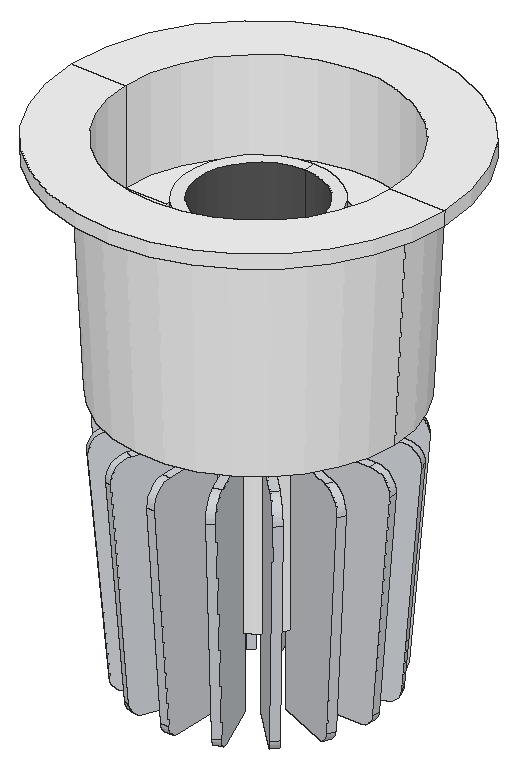
Revit family "2056208 Feilo Sylvania Lighting Fixture MYD ADJ WHT 3K PHDIM WHT BEZ", category Lighting Fixtures, host Face, Revit 2017
Family settings
  Host = Face
  Round Connector Dimension = Use Diameter
  Part Type = Normal
  OmniClass Number = 23.80.70.00
  OmniClass Title = Lighting
  Cut with Voids When Loaded = Yes
  Light Source = No
  Shared = No
  Room Calculation Point = No
Parameters
  Weight = "0.39 kg"
  Wattage Comments = "n/a"
  WarrantyStartDate [instance] = "n/a"
  WarrantyGuarantorParts = "n/a"
  WarrantyDurationUnit = "n/a"
  WarrantyDurationParts = "n/a"
  WarrantyDescription = "n/a"
  Voltage = 230 V
  VerticalTiltStart_FEILO [instance] = VerticalTilt_FEILO + 90.00°  # 90.00°
  VerticalTilt_FEILO [instance] = 0.00°
  URL = "http://www.sylvania-lighting.com"
  TypeName = "MYRIDSQ IP65 FLD 3K STD"
  Type Image = <None>
  Type Comments = "n/a"
  SphereRadius_FEILO = 27.4 mm
  SerialNumber [instance] = "n/a"
  ReflectorMaterial = Default
  PowerFactor = 0
  PowerConsumption = "10 W"
  NominalLength = 72 mm
  NominalHeight = 64 mm
  NominalDepth = 72 mm
  Name = "MYRIDSQ IP65 FLD 3K STD"
  ModelReference = Name  # "MYRIDSQ IP65 FLD 3K STD"
  ModelNumber = "2056380"
  Model = Name  # "MYRIDSQ IP65 FLD 3K STD"
  Material = "aluminium housing"
  ManufacturerName = "Feilo Sylvania"
  Manufacturer = "Feilo Sylvania"
  LuminousEfficacy = "117 lm/W"
  LuminaireType = ""
  LightOutputRatio = "100"
  LampsType = Lamp  # "LED"
  LampType_FEILO = MyriadAdjustableRoundLamp : 2056208 MYD ADJ WHT 3K PHDIM WHT BEZ
  LampNominalLuminous = "1165 lm"
  LampMacAdamStep = "n/a"
  LampColourTemperature = "3000 K"
  LampColourRenderingIndex = "0"
  Lamp = "LED"
  Keynote = "16500"
  InstallationDate [instance] = "n/a"
  InputVoltage = "230-240V~"
  InputNominalFrequency = "50/60 Hz"
  IngressProtection = "IP65"
  ImpactProtectionIndex = "IK02"
  IfcExportType = "IfcLightFixtureType"
  IfcExportAs = "IfcLightFixtureType"
  HorizontalTilt_FEILO [instance] = 0.00°
  ExpectedLife = 50000
  ElectricShockClassification = "Class II"
  DurationUnit = "hours"
  DocumentationLiterature = "http://www.sylvania-lighting.com/product/en-int/products/2056380"
  DimmingControlOptions = "Non dimmable"
  DiffuserMaterial = Default
  Description = ""
  Default Elevation = 1219.2 mm
  CreatedOn = "11/13/2017"
  CreatedBy = ""
  Cost = 0
  built-in parameter 1114216 [instance] = (empty or 0)
  ClassificationValue = "EF_70_80"
  ClassificationName = "Uniclass2015"
  BodyMaterial = Body-Sylvania-MyriadAdjustableRound-White
  BarCode [instance] = "n/a"
  AssetType = "Fixed"
  AssetIdentifier [instance] = "n/a"
  Assembly Code = "D5020200"
  Apparent Load = 10 VA
  AccessoryMaterial = Body-Sylvania-MyriadAdjustableRound-White
Reference planes
  plane 1 "Center (Front/Back)": y = 0
  plane 2: z = 0
  plane 3 "Center (Left/Right)": x = 0
  plane 4: z = 3.5
  plane 5: x = 38
  plane 6: x = -38
  plane 7: z = -120
  plane 8: x = -48
  plane 9: x = 48
  plane 10: z = -20
  plane 11: z = -55
  plane 12: x = -35
  plane 13: x = 35
  plane 14: x = -34
  plane 15: x = 34
  plane 16: z = -32
  plane 17: x = -25
  plane 18: x = 2.4
Forms (mm)
  Revolve 1, void
    sketch origin (0, 0, 0) x (1, 0, 0) y (0, 0, 1)
      loop
        line (-38, 0) -> (-38, -120) -> (0, -120) -> (0, 0) -> (-38, 0)
      axis (0, 0) -> (0, -120)
    angle from 360 to 0
  Revolve 2, solid, material "Body-Sylvania-MyriadAdjustableRound-White" <- "BodyMaterial"
    sketch origin (0, 0, 0) x (1, 0, 0) y (0, 0, 1)
      loop
        line (-34, -20) -> (-34, 3.5) -> (-48, 3.5) -> (-48, 0) -> (-38, 0) -> (-35, -55) -> (-25, -55) -> (-25, -32)
        arc (-25, -32) -> (-24.299, -25.843) -> (-22.232, -20) r 27.4
        line (-22.232, -20) -> (-34, -20)
      axis (0, 3.5) -> (0, -55)
    angle from 360 to 0
  Revolve 3, solid, not visible
    sketch origin (0, 0, 0) x (1, 0, 0) y (0, 0, 1)
      loop
        line (0, -32) -> (2.4, -32) -> (2.4, -20) -> (0, -20) -> (0, -32)
      axis (0, -20) -> (0, -32)
    angle from 90 <- "VerticalTiltStart_FEILO" to 0 <- "VerticalTilt_FEILO"
Lines and regions (mm)
  reference lines
    curve 1: circle (2.4, 0, -32) r 27.4 normal (0, -1, 0)
Dimensions and locks
  locked: plane 4 to plane 2 at 3.5
  plane 2 to plane 7 = 120 mm
  equal spacing: plane 5, plane 3 "Center (Left/Right)", plane 6
  locked: plane 3 "Center (Left/Right)" to plane 6 at 38
  equal spacing: plane 9, plane 3 "Center (Left/Right)", plane 8
  locked: plane 6 to plane 8 at 10
  locked: plane 2 to plane 10 at 20
  locked: plane 2 to plane 11 at 55
  equal spacing: plane 13, plane 3 "Center (Left/Right)", plane 12
  locked: plane 12 to plane 6 at 3
  equal spacing: plane 15, plane 3 "Center (Left/Right)", plane 14
  locked: plane 3 "Center (Left/Right)" to plane 14 at 34
  locked: plane 3 "Center (Left/Right)" to plane 17 at 25
  locked: plane 18 to plane 17 at 27.4
  locked: plane 10 to plane 16 at 12
  "SphereRadius_FEILO": radius of curve 1
  "SphereRadius_FEILO": radius of Revolve 2 sketch curve
  aligned and locked: plane 2 to host face
  aligned and locked: level to host face
  aligned and locked: Revolve 1 sketch curve to plane 3 "Center (Left/Right)"  (x2)
  aligned and locked: Revolve 1 sketch curve to level
  aligned and locked: plane 6 to Revolve 1 sketch curve
  aligned and locked: Revolve 1 sketch curve to plane 7
  aligned and locked: plane 14 to Revolve 2 sketch curve
  aligned and locked: Revolve 2 sketch curve to plane 4
  aligned and locked: Revolve 2 sketch curve to plane 8
  aligned and locked: Revolve 2 sketch curve to level
  aligned and locked: Revolve 2 sketch curve to plane 3 "Center (Left/Right)"
  aligned and locked: plane 18 to curve 1
  aligned and locked: plane 16 to curve 1
  aligned and locked: plane 10 to Revolve 2 sketch curve
  aligned and locked: plane 11 to Revolve 2 sketch curve
  aligned and locked: Revolve 2 sketch curve to plane 17
  aligned and locked: plane 16 to Revolve 3 sketch curve
  aligned and locked: Revolve 3 sketch curve to plane 3 "Center (Left/Right)"  (x2)
  aligned and locked: Revolve 3 sketch curve to plane 10
  aligned and locked: plane 18 to Revolve 3 sketch curve
  aligned and locked: nested 1 to plane 16
Automatic sketch dimensions
  host sketch curve to host sketch curve = 2438.4 mm  (x2)
  plane 7 to Revolve 1 sketch curve = 489.6 mm
  Revolve 1 sketch curve to plane 4 = 2604.058 mm
  Revolve 2 sketch curve to plane 6 = 0 mm
  Revolve 2 sketch curve to plane 12 = 0 mm
  Revolve 2 sketch curve to plane 16 = 0 mm
  plane 7 to Revolve 2 sketch curve = 489.6 mm
  Revolve 2 sketch curve to plane 4 = 2604.058 mm
  plane 7 to Revolve 3 sketch curve = 489.6 mm
  Revolve 3 sketch curve to plane 4 = 2605.558 mm
Nested families
  nested 1: "rev_horizontal" at (0, 0, -32) x (1, 0, 0) z (0, -1, 0), HorizontalAxis <- "HorizontalTilt_FEILO", type "rev_horizontal", not visible
    with HorizontalAxis 0.00°, EndAngle 90.00°
  nested 2: "MyriadAdjustableRoundLamp" at (0, 0, -32) x (0, -1, 0) z (0, 0, -1), type <- "LampType_FEILO", type "2056208 MYD ADJ WHT 3K PHDIM WHT BEZ"
  nested 3: "Rib" at (0, 0, -10.5) x (0, -1, 0) z (0, 0, -1), type "Rib"
  nested 4: "Rib" at (0, 0, -10.5) x (0.7071, -0.7071, 0) z (0, 0, -1), type "Rib"
  nested 5: "Rib" at (0, 0, -10.5) x (1, 0, 0) z (0, 0, -1), type "Rib"
  nested 6: "Rib" at (0, 0, -10.5) x (0.7071, 0.7071, 0) z (0, 0, -1), type "Rib"
  nested 7: "Rib" at (0, 0, -10.5) x (0, 1, 0) z (0, 0, -1), type "Rib"
  nested 8: "Rib" at (0, 0, -10.5) x (-0.7071, 0.7071, 0) z (0, 0, -1), type "Rib"
  nested 9: "Rib" at (0, 0, -10.5) x (-1, 0, 0) z (0, 0, -1), type "Rib"
  nested 10: "Rib" at (0, 0, -10.5) x (-0.7071, -0.7071, 0) z (0, 0, -1), type "Rib"
  nested 11: "Rib" at (0, 0, -10.5) x (0.3827, -0.9239, 0) z (0, 0, -1), type "Rib"
  nested 12: "Rib" at (0, 0, -10.5) x (0.9239, -0.3827, 0) z (0, 0, -1), type "Rib"
  nested 13: "Rib" at (0, 0, -10.5) x (0.9239, 0.3827, 0) z (0, 0, -1), type "Rib"
  nested 14: "Rib" at (0, 0, -10.5) x (0.3827, 0.9239, 0) z (0, 0, -1), type "Rib"
  nested 15: "Rib" at (0, 0, -10.5) x (-0.3827, 0.9239, 0) z (0, 0, -1), type "Rib"
  nested 16: "Rib" at (0, 0, -10.5) x (-0.9239, 0.3827, 0) z (0, 0, -1), type "Rib"
  nested 17: "Rib" at (0, 0, -10.5) x (-0.9239, -0.3827, 0) z (0, 0, -1), type "Rib"
  nested 18: "Rib" at (0, 0, -10.5) x (-0.3849, -0.923, 0) z (0, 0, -1), type "Rib"
Connectors
  electrical at (0, 0, 0), driven by "Apparent Load", driven by "PowerFactor", driven by "Voltage"
    settings: index 1, voltage 230 V, apparent load 10 VA, apparent load phase1 0 VA, apparent load phase2 0 VA, apparent load phase3 0 VA, power factor 0, load classification "Lighting", number of poles 1, system type 30, power factor state 1, is connector primary yes, connector utility no, sub classification motor no, connector description ""
Definition of nested family "rev_horizontal"
  Parameters (values of type "rev_horizontal")
    URL = "http://www.feilosylvania.com"
    Type Comments = "n/a"
    ReflectorMaterial = none
    Model = "n/a"
    Manufacturer = "Feilo Sylvania"
    Keynote = "n/a"
    HorizontalAxis [instance] = 0.00°
    EndAngle [instance] = HorizontalAxis + 90.00°  # 90.00°
    DiffuserMaterial = none
    Description = "n/a"
    Default Elevation = 1219.2 mm
    Cost = 0
    BodyMaterial = none
    Assembly Code = "n/a"
    AccessoryMaterial = none
  Reference planes
    plane 1 "Center (Front/Back)": y = 0
    plane 2: z = 0
    plane 3 "Center (Left/Right)": x = 0
    plane 4: z = 10
    plane 5: x = -10
    plane 6: x = 10
  Forms (mm)
    Extrusion 1, solid
      sketch origin (-0.8, 0, 0) x (1, 0, 0) y (0, 1, 0)
        loop
          line (-1219.2, 1219.2) -> (-1219.2, -1219.2) -> (1219.2, -1219.2) -> (1219.2, 1219.2) -> (-1219.2, 1219.2)
      from 0 to -304.8
    Revolve 2, solid
      sketch origin (0, 0, 0) x (1, 0, 0) y (0, 0, 1)
        loop
          line (-10, 10) -> (-10, 0) -> (10, 0) -> (10, 10) -> (-10, 10)
        axis (-10, 0) -> (10, 0)
      angle from 0 <- "HorizontalAxis" to 90 <- "EndAngle"
  Dimensions and locks
    plane 4 to plane 2 = 10 mm
    aligned and locked: plane 2 to Extrusion 1
    aligned and locked: level to Extrusion 1
    aligned and locked: Revolve 2 sketch curve to plane 4
    aligned and locked: plane 5 to Revolve 2 sketch curve
    aligned and locked: Extrusion 1 to Revolve 2 sketch curve
    aligned and locked: Revolve 2 sketch curve to plane 2
    aligned and locked: Revolve 2 sketch curve to plane 6
Definition of nested family "MyriadAdjustableRoundLamp"
  Parameters (values of type "2056208 MYD ADJ WHT 3K PHDIM WHT BEZ")
    Wattage = 10 W
    built-in parameter 1150110 = 1 (stored number, unit not read)
    URL = "http://www.feilosylvania.com"
    Type Comments = "n/a"
    built-in parameter 1114217 = 1 (stored number, unit not read)
    Tilt Angle = 90.00°
    built-in parameter 1150109 = 1 (stored number, unit not read)
    built-in parameter 1150134 = (empty or 0)
    built-in parameter 1150113 = 1 (stored number, unit not read)
    ReflectorMaterial = none
    Photometric Web File = "2056208.ies"
    Model = "n/a"
    Manufacturer = "Feilo Sylvania"
    built-in parameter 1150105 = 55.704 (stored number, unit not read)
    Lumens = 700 lm
    built-in parameter 1150115 = 1 (stored number, unit not read)
    built-in parameter 1150137 = (empty or 0)
    built-in parameter 1150139 = (empty or 0)
    built-in parameter 1150112 = 1 (stored number, unit not read)
    built-in parameter 1150114 = 1 (stored number, unit not read)
    Keynote = "n/a"
    built-in parameter 1150132 = (empty or 0)
    built-in parameter 1150102 = (empty or 0)
    built-in parameter 1150107 = 3000 (stored number, unit not read)
    built-in parameter 1150138 = (empty or 0)
    built-in parameter 1150106 = 0.55704 (stored number, unit not read)
    Emit from Circle Diameter = 30 mm
    Emit Shape Visible in Rendering = no
    built-in parameter 1150104 = 6.5032 (stored number, unit not read)
    Dimming Lamp Color Temperature Shift = (empty or 0)
    DiffuserMaterial = none
    Description = "n/a"
    Default Elevation = 1219.2 mm
    Cost = 0
    Color Filter = 16777215
    BodyMaterial = none
    built-in parameter 1114218 = 1 (stored number, unit not read)
    built-in parameter 1150133 = 10 (stored number, unit not read)
    Assembly Code = "n/a"
    AccessoryMaterial = none
  Types (24, lengths in mm): name | Wattage | built-in parameter 1150134 | Photometric Web File | built-in parameter 1150105 | Lumens | built-in parameter 1150107 | built-in parameter 1150106 | built-in parameter 1150104
    2058036 MYRD AD BLK 2.7K DALI SIL BZ | 15 W | (empty or 0) | "2058036.ies" | 41.898 (stored number, unit not read) | 526.5 lm | 2700 (stored number, unit not read) | 0.41898 (stored number, unit not read) | 3.2609 (stored number, unit not read)
    2058035 MYRD AD BLK 2.7K PHDIM SIL BZ | 15 W | (empty or 0) | "2058035.ies" | 41.898 (stored number, unit not read) | 526.5 lm | 2700 (stored number, unit not read) | 0.41898 (stored number, unit not read) | 3.2609 (stored number, unit not read)
    2058034 MYRD AD BLK 2.7K DALI WHT BZ | 15 W | (empty or 0) | "2058034.ies" | 41.898 (stored number, unit not read) | 526.5 lm | 2700 (stored number, unit not read) | 0.41898 (stored number, unit not read) | 3.2609 (stored number, unit not read)
    2058033 MYRD AD BLK 2.7K PHDIM WHT BZ | 15 W | (empty or 0) | "2058033.ies" | 41.898 (stored number, unit not read) | 526.5 lm | 2700 (stored number, unit not read) | 0.41898 (stored number, unit not read) | 3.2609 (stored number, unit not read)
    2058032 MYRD AD WHT 2.7K DALI SIL BZ | 15 W | (empty or 0) | "2058032.ies" | 41.898 (stored number, unit not read) | 526.5 lm | 2700 (stored number, unit not read) | 0.41898 (stored number, unit not read) | 3.2609 (stored number, unit not read)
    2058031 MYRD AD WHT 2.7K PHDIM SIL BZ | 15 W | (empty or 0) | "2058031.ies" | 41.898 (stored number, unit not read) | 526.5 lm | 2700 (stored number, unit not read) | 0.41898 (stored number, unit not read) | 3.2609 (stored number, unit not read)
    2058030 MYRD AD WHT 2.7K DALI WHT BZ | 15 W | (empty or 0) | "2058030.ies" | 41.898 (stored number, unit not read) | 526.5 lm | 2700 (stored number, unit not read) | 0.41898 (stored number, unit not read) | 3.2609 (stored number, unit not read)
    2058029 MYRD AD WHT 2.7K PHDIM WHT BZ | 15 W | (empty or 0) | "2058029.ies" | 41.898 (stored number, unit not read) | 526.5 lm | 2700 (stored number, unit not read) | 0.41898 (stored number, unit not read) | 3.2609 (stored number, unit not read)
    2056223 MYD ADJ BLK 4K DALI SIL BEZ | 10 W | 12 | "2056223.ies" | 54.113 (stored number, unit not read) | 680 lm | 4000 (stored number, unit not read) | 0.54113 (stored number, unit not read) | 6.3174 (stored number, unit not read)
    2056222 MYD ADJ BLK 4K PHDIM SIL BZ | 10 W | 12 | "2056222.ies" | 54.113 (stored number, unit not read) | 680 lm | 4000 (stored number, unit not read) | 0.54113 (stored number, unit not read) | 6.3174 (stored number, unit not read)
    2056221 MYD ADJ BLK 4K DALII WHT BEZ | 10 W | 12 | "2056221.ies" | 54.113 (stored number, unit not read) | 680 lm | 4000 (stored number, unit not read) | 0.54113 (stored number, unit not read) | 6.3174 (stored number, unit not read)
    2056220 MYD ADJ BLK 4K PHDIM WHT BEZ | 10 W | 12 | "2056220.ies" | 54.113 (stored number, unit not read) | 680 lm | 4000 (stored number, unit not read) | 0.54113 (stored number, unit not read) | 6.3174 (stored number, unit not read)
    2056219 MYD ADJ BLK 3K DALI SIL BEZ | 10 W | (empty or 0) | "2056219.ies" | 55.704 (stored number, unit not read) | 700 lm | 3000 (stored number, unit not read) | 0.55704 (stored number, unit not read) | 6.5032 (stored number, unit not read)
    2056218 MYD ADJ BLK 3K PHDIM SIL BEZ | 10 W | (empty or 0) | "2056218.ies" | 55.704 (stored number, unit not read) | 700 lm | 3000 (stored number, unit not read) | 0.55704 (stored number, unit not read) | 6.5032 (stored number, unit not read)
    2056217 MYD ADJ BLK 3K DALI WHT BEZ | 10 W | (empty or 0) | "2056217.ies" | 55.704 (stored number, unit not read) | 700 lm | 3000 (stored number, unit not read) | 0.55704 (stored number, unit not read) | 6.5032 (stored number, unit not read)
    2056216 MYD ADJ BLK 3K PHDIM WHT BEZ | 10 W | (empty or 0) | "2056216.ies" | 55.704 (stored number, unit not read) | 700 lm | 3000 (stored number, unit not read) | 0.55704 (stored number, unit not read) | 6.5032 (stored number, unit not read)
    2056215 MYD ADJ WHT 4K DALI SIL BEZ | 10 W | 12 | "2056215.ies" | 54.113 (stored number, unit not read) | 680 lm | 4000 (stored number, unit not read) | 0.54113 (stored number, unit not read) | 6.3174 (stored number, unit not read)
    2056214 MYD ADJ WHT 4K PHDIM SIL BEZ | 10 W | 12 | "2056214.ies" | 54.113 (stored number, unit not read) | 680 lm | 4000 (stored number, unit not read) | 0.54113 (stored number, unit not read) | 6.3174 (stored number, unit not read)
    2056213 MYD ADJ WHT 4K DALI WHT BEZ | 10 W | 12 | "2056213.ies" | 54.113 (stored number, unit not read) | 680 lm | 4000 (stored number, unit not read) | 0.54113 (stored number, unit not read) | 6.3174 (stored number, unit not read)
    2056212 MYD ADJ WHT 4K PHDIM WHT BEZ | 10 W | 12 | "2056212.ies" | 54.113 (stored number, unit not read) | 680 lm | 4000 (stored number, unit not read) | 0.54113 (stored number, unit not read) | 6.3174 (stored number, unit not read)
    2056211 MYD ADJ WHT 3K DALI SIL BEZ | 10 W | (empty or 0) | "2056211.ies" | 55.704 (stored number, unit not read) | 700 lm | 3000 (stored number, unit not read) | 0.55704 (stored number, unit not read) | 6.5032 (stored number, unit not read)
    2056210 MYD ADJ WHT 3K PHDIM SIL BEZ | 10 W | (empty or 0) | "2056210.ies" | 55.704 (stored number, unit not read) | 700 lm | 3000 (stored number, unit not read) | 0.55704 (stored number, unit not read) | 6.5032 (stored number, unit not read)
    2056209 MYD ADJ WHT 3K DALI WHT BEZ | 10 W | (empty or 0) | "2056209.ies" | 55.704 (stored number, unit not read) | 700 lm | 3000 (stored number, unit not read) | 0.55704 (stored number, unit not read) | 6.5032 (stored number, unit not read)
    2056208 MYD ADJ WHT 3K PHDIM WHT BEZ | 10 W | (empty or 0) | "2056208.ies" | 55.704 (stored number, unit not read) | 700 lm | 3000 (stored number, unit not read) | 0.55704 (stored number, unit not read) | 6.5032 (stored number, unit not read)
  Reference planes
    plane 1 "Center (Front/Back)": y = 0
    plane 2: z = 0
    plane 3 "Center (Left/Right)": x = 0
    plane 4: x = -35
    plane 5: x = -12
    plane 6: x = -14.8
    plane 7: x = -25
    plane 8: x = -17.8
    plane 9: z = -18.5
    plane 10: z = 18.5
    plane 11: z = 29.5
    plane 12: z = 70.5
    plane 13: z = 89.5
    plane 14: z = 0
    plane 15: z = -6.5
    plane 16: x = -30
    plane 17: z = -21.5
  Forms (mm)
    Extrusion 1, solid
      sketch origin (-0.8, 0, 0) x (1, 0, 0) y (0, 1, 0)
        loop
          line (-1219.2, 1219.2) -> (-1219.2, -1219.2) -> (1219.2, -1219.2) -> (1219.2, 1219.2) -> (-1219.2, 1219.2)
      from 0 to -304.8
    Revolve 2, solid, material <- "BodyMaterial"
      sketch origin (0, 0, 0) x (1, 0, 0) y (0, 0, 1)
        loop
          line (-14.8, -21.5) -> (-14.8, -6.5) -> (0, -6.5) -> (0, 29.5) -> (-12, 29.5) -> (-12, 70.5) -> (-14.8, 70.5) -> (-14.8, 18.5) -> (-17.8, 18.5)
          arc (-17.8, 18.5) -> (-25, 0) -> (-17.8, -18.5) r 27.367
          line (-17.8, -18.5) -> (-17.8, -21.5) -> (-14.8, -21.5)
        axis (0, 70.5) -> (0, -21.5)
      angle from 0 to 360
    Revolve 3, solid, material <- "BodyMaterial", detail levels coarse+medium
      sketch origin (0, 0, 0) x (1, 0, 0) y (0, 0, 1)
        loop
          line (0, 29.5) -> (0, 89.5) -> (-30, 89.5) -> (-35, 29.5) -> (0, 29.5)
        axis (0, 89.5) -> (0, 29.5)
      angle from 0 to 360
  Lines and regions (mm)
    reference lines
      curve 1: line (0, 0, 0) -> (-32.336, 13.394, 0)
      curve 2: circle (0, 0, 0) r 35 normal (0, 0, 1)
      curve 3: line (0, 0, 0) -> (-24.749, 24.749, 0)
      curve 4: line (0, 0, 0) -> (-13.394, 32.336, 0)
      curve 5: line (0, 0, 0) -> (13.394, 32.336, 0)
      curve 6: line (0, 0, 0) -> (24.749, 24.749, 0)
      curve 7: line (0, 0, 0) -> (32.336, 13.394, 0)
      curve 8: line (0, 0, 0) -> (32.336, -13.394, 0)
      curve 9: line (0, 0, 0) -> (24.749, -24.749, 0)
      curve 10: line (0, 0, 0) -> (13.394, -32.336, 0)
      curve 11: line (0, 0, 0) -> (-13.394, -32.336, 0)
      curve 12: line (0, 0, 0) -> (-24.749, -24.749, 0)
      curve 13: line (0, 0, 0) -> (-32.336, -13.394, 0)
  Dimensions and locks
    locked: plane 3 "Center (Left/Right)" to plane 4 at 35
    locked: plane 3 "Center (Left/Right)" to plane 5 at 12
    locked: plane 3 "Center (Left/Right)" to plane 6 at 14.8
    locked: plane 3 "Center (Left/Right)" to plane 7 at 25
    locked: plane 3 "Center (Left/Right)" to plane 8 at 17.8
    equal spacing: plane 10, plane 14, plane 9, locked at 18.5 each
    locked: plane 3 "Center (Left/Right)" to plane 16 at 30
    locked: plane 9 to plane 17 at 3
    locked: plane 15 to plane 17 at 15
    locked: plane 10 to plane 17 at 40
    locked: plane 11 to plane 17 at 51
    locked: plane 12 to plane 17 at 92
    locked: plane 13 to plane 17 at 111
    radius of curve 2 = 35 mm
    angle curve 3 to plane 1 "Center (Front/Back)" = 45.00°
    angle curve 4 to plane 1 "Center (Front/Back)" = 67.50°
    angle plane 1 "Center (Front/Back)" to curve 5 = 67.50°
    angle plane 1 "Center (Front/Back)" to curve 6 = 45.00°
    angle plane 1 "Center (Front/Back)" to curve 7 = 22.50°
    angle curve 8 to plane 1 "Center (Front/Back)" = 22.50°
    angle curve 9 to plane 1 "Center (Front/Back)" = 45.00°
    angle curve 10 to plane 1 "Center (Front/Back)" = 67.50°
    angle curve 11 to plane 3 "Center (Left/Right)" = 22.50°
    angle curve 12 to plane 3 "Center (Left/Right)" = 45.00°
    angle curve 13 to plane 3 "Center (Left/Right)" = 67.50°
    aligned and locked: plane 2 to Extrusion 1
    aligned and locked: level to Extrusion 1
    aligned and locked: Revolve 2 sketch curve to plane 3 "Center (Left/Right)"  (x2)
    aligned and locked: plane 8 to Revolve 2 sketch curve  (x2)
    aligned and locked: plane 10 to Revolve 2 sketch curve
    aligned and locked: plane 6 to Revolve 2 sketch curve  (x2)
    aligned and locked: plane 12 to Revolve 2 sketch curve
    aligned and locked: Revolve 2 sketch curve to plane 5
    aligned and locked: plane 3 "Center (Left/Right)" to Revolve 2 sketch curve
    aligned and locked: plane 11 to Revolve 2 sketch curve
    aligned and locked: plane 3 "Center (Left/Right)" to curve 1
    aligned and locked: plane 3 "Center (Left/Right)" to curve 2
    aligned and locked: Revolve 3 sketch curve to plane 3 "Center (Left/Right)"
    aligned and locked: plane 13 to Revolve 3 sketch curve
    aligned and locked: plane 14 to level
    aligned and locked: plane 17 to Revolve 2 sketch curve
    aligned and locked: plane 15 to Revolve 2 sketch curve
    aligned and locked: plane 1 "Center (Front/Back)" to nested 1
    aligned and locked: nested 2 to curve 6
    aligned and locked: nested 2 to curve 3
    aligned and locked: plane 1 "Center (Front/Back)" to nested 3
    aligned and locked: nested 3 to plane 3 "Center (Left/Right)"
    aligned and locked: nested 4 to curve 3
    aligned and locked: nested 4 to curve 6
    aligned and locked: nested 5 to plane 3 "Center (Left/Right)"
    aligned and locked: nested 5 to plane 1 "Center (Front/Back)"
    aligned and locked: nested 6 to nested 2  (x2)
    aligned and locked: nested 7 to plane 1 "Center (Front/Back)"
    aligned and locked: plane 3 "Center (Left/Right)" to nested 7
    aligned and locked: nested 8 to nested 4  (x2)
    aligned and locked: nested 9 to curve 5
    aligned and locked: nested 9 to curve 1
    aligned and locked: nested 10 to curve 7
    aligned and locked: nested 10 to curve 4
    aligned and locked: nested 11 to curve 8
    aligned and locked: nested 11 to curve 5
    aligned and locked: nested 12 to curve 10
    aligned and locked: nested 12 to curve 7
    aligned and locked: nested 13 to nested 9  (x2)
    aligned and locked: nested 14 to nested 10  (x2)
    aligned and locked: nested 15 to curve 8
    aligned and locked: nested 15 to curve 11
    aligned and locked: imposter light to plane 1 "Center (Front/Back)"
    aligned and locked: plane 3 "Center (Left/Right)" to imposter light
    aligned and locked: imposter light to plane 17
  Automatic sketch dimensions
    Extrusion 1 sketch curve to Extrusion 1 sketch curve = 2438.4 mm  (x2)
    plane 1 "Center (Front/Back)" to curve 2 = 0 mm
    plane 1 "Center (Front/Back)" to curve 11 = 0 mm
    curve 1 to plane 16 = 2.336 mm
    Revolve 3 sketch curve to level = 609.6 mm
    Revolve 3 sketch curve to Revolve 3 sketch curve = 2498.058 mm
    Revolve 3 sketch curve to plane 4 = 0 mm
    Revolve 3 sketch curve to plane 16 = 0 mm
    Revolve 3 sketch curve to plane 3 "Center (Left/Right)" = 0 mm
    Revolve 3 sketch curve to plane 11 = 0 mm
    Revolve 2 sketch curve to level = 0 mm
    plane 3 "Center (Left/Right)" to Revolve 2 sketch curve = 2.367 mm
    Revolve 2 sketch curve to plane 17 = 588.1 mm
    Revolve 2 sketch curve to plane 13 = 2498.058 mm
  Nested families
    nested 1: "Rib" at (0, 0, -21.5), type "Rib", detail levels fine
    nested 2: "Rib" at (0, 0, -21.5) x (0.7071, -0.7071, 0) z (0, 0, 1), type "Rib", detail levels fine
    nested 3: "Rib" at (0, 0, -21.5) x (0, -1, 0) z (0, 0, 1), type "Rib", detail levels fine
    nested 4: "Rib" at (0, 0, -21.5) x (-0.7071, -0.7071, 0) z (0, 0, 1), type "Rib", detail levels fine
    nested 5: "Rib" at (0, 0, -21.5) x (-1, 0, 0) z (0, 0, 1), type "Rib", detail levels fine
    nested 6: "Rib" at (0, 0, -21.5) x (-0.7071, 0.7071, 0) z (0, 0, 1), type "Rib", detail levels fine
    nested 7: "Rib" at (0, 0, -21.5) x (0, 1, 0) z (0, 0, 1), type "Rib", detail levels fine
    nested 8: "Rib" at (0, 0, -21.5) x (0.7071, 0.7071, 0) z (0, 0, 1), type "Rib", detail levels fine
    nested 9: "Rib" at (0, 0, -21.5) x (0.9239, -0.3827, 0) z (0, 0, 1), type "Rib", detail levels fine
    nested 10: "Rib" at (0, 0, -21.5) x (0.3827, -0.9239, 0) z (0, 0, 1), type "Rib", detail levels fine
    nested 11: "Rib" at (0, 0, -21.5) x (-0.3827, -0.9239, 0) z (0, 0, 1), type "Rib", detail levels fine
    nested 12: "Rib" at (0, 0, -21.5) x (-0.9239, -0.3827, 0) z (0, 0, 1), type "Rib", detail levels fine
    nested 13: "Rib" at (0, 0, -21.5) x (-0.9239, 0.3827, 0) z (0, 0, 1), type "Rib", detail levels fine
    nested 14: "Rib" at (0, 0, -21.5) x (-0.3827, 0.9239, 0) z (0, 0, 1), type "Rib", detail levels fine
    nested 15: "Rib" at (0, 0, -21.5) x (0.3827, 0.9239, 0) z (0, 0, 1), type "Rib", detail levels fine
    nested 16: "Rib" at (0, 0, -21.5) x (0.923, 0.3849, 0) z (0, 0, 1), type "Rib", detail levels fine
  Definition of nested family "Rib"
    Parameters (values of type "Rib")
      URL = "http://www.feilosylvania.com"
      Type Comments = "n/a"
      ReflectorMaterial = none
      Model = "n/a"
      Manufacturer = "Feilo Sylvania"
      Keynote = "n/a"
      DiffuserMaterial = none
      Description = "n/a"
      Default Elevation = 1219.2 mm
      Cost = 0
      BodyMaterial = none
      Assembly Code = "n/a"
      AccessoryMaterial = none
    Reference planes
      plane 1 "Center (Front/Back)": y = 0
      plane 2: z = 0
      plane 3 "Center (Left/Right)": x = 0
      plane 4: x = -35
      plane 5: x = -30
      plane 6: x = -13
      plane 7: z = 51
      plane 8: z = 111
      plane 9: y = 1
      plane 10: y = -1
    Forms (mm)
      Extrusion 1, solid
        sketch origin (-0.8, 0, 0) x (1, 0, 0) y (0, 1, 0)
          loop
            line (-1219.2, 1219.2) -> (-1219.2, -1219.2) -> (1219.2, -1219.2) -> (1219.2, 1219.2) -> (-1219.2, 1219.2)
        from 0 to -304.8
      Extrusion 2, solid, material <- "BodyMaterial"
        sketch origin (0, 0, 0) x (1, 0, 0) y (0, 0, 1)
          loop
            line (-13, 111) -> (-27.182, 111)
            arc (-27.182, 111) -> (-29.214, 110.208) -> (-30.172, 108.249) r 3
            line (-30.172, 108.249) -> (-34.491, 56.415)
            arc (-34.491, 56.415) -> (-33.188, 52.614) -> (-29.509, 51) r 5
            line (-29.509, 51) -> (-13, 51) -> (-13, 111)
        from -1 to 1
    Dimensions and locks
      locked: plane 7 to plane 2 at 51
      locked: plane 8 to plane 2 at 111
      locked: plane 3 "Center (Left/Right)" to plane 6 at 13
      locked: plane 3 "Center (Left/Right)" to plane 5 at 30
      locked: plane 3 "Center (Left/Right)" to plane 4 at 35
      equal spacing: plane 10, plane 1 "Center (Front/Back)", plane 9, locked at 1 each
      locked: plane 10 to plane 9 at 2
      aligned and locked: plane 2 to Extrusion 1
      aligned and locked: level to Extrusion 1
      aligned and locked: plane 8 to Extrusion 2 sketch curve  (x2)
      aligned and locked: Extrusion 2 sketch curve to plane 6
      aligned and locked: Extrusion 2 sketch curve to plane 7
      aligned and locked: Extrusion 2 to plane 9
      aligned and locked: plane 10 to Extrusion 2
    Automatic sketch dimensions
      Extrusion 1 sketch curve to Extrusion 1 sketch curve = 2438.4 mm  (x2)
      Extrusion 2 sketch curve to plane 6 = 0 mm
      plane 5 to Extrusion 2 sketch curve = 2.818 mm
      plane 5 to Extrusion 2 sketch curve = 0.491 mm
      Extrusion 2 sketch curve to plane 5 = 0.172 mm
      plane 4 to Extrusion 2 sketch curve = 0.509 mm
      Extrusion 2 sketch curve to Extrusion 2 sketch curve = 5 mm
      Extrusion 2 sketch curve to Extrusion 2 sketch curve = 3 mm
Definition of nested family "Rib"
  Parameters (values of type "Rib")
    URL = "http://www.feilosylvania.com"
    Type Comments = "n/a"
    ReflectorMaterial = none
    Model = "n/a"
    Manufacturer = "Feilo Sylvania"
    Keynote = "n/a"
    DiffuserMaterial = none
    Description = "n/a"
    Default Elevation = 1219.2 mm
    Cost = 0
    BodyMaterial = none
    Assembly Code = "n/a"
    AccessoryMaterial = none
  Reference planes
    plane 1 "Center (Front/Back)": y = 0
    plane 2: z = 0
    plane 3 "Center (Left/Right)": x = 0
    plane 4: x = -35
    plane 5: x = -30
    plane 6: x = -13
    plane 7: z = 51
    plane 8: z = 111
    plane 9: y = 1
    plane 10: y = -1
  Forms (mm)
    Extrusion 1, solid
      sketch origin (-0.8, 0, 0) x (1, 0, 0) y (0, 1, 0)
        loop
          line (-1219.2, 1219.2) -> (-1219.2, -1219.2) -> (1219.2, -1219.2) -> (1219.2, 1219.2) -> (-1219.2, 1219.2)
      from 0 to -304.8
    Extrusion 2, solid, material <- "BodyMaterial"
      sketch origin (0, 0, 0) x (1, 0, 0) y (0, 0, 1)
        loop
          line (-13, 111) -> (-27.182, 111)
          arc (-27.182, 111) -> (-29.214, 110.208) -> (-30.172, 108.249) r 3
          line (-30.172, 108.249) -> (-34.491, 56.415)
          arc (-34.491, 56.415) -> (-33.188, 52.614) -> (-29.509, 51) r 5
          line (-29.509, 51) -> (-13, 51) -> (-13, 111)
      from -1 to 1
  Dimensions and locks
    locked: plane 7 to plane 2 at 51
    locked: plane 8 to plane 2 at 111
    locked: plane 3 "Center (Left/Right)" to plane 6 at 13
    locked: plane 3 "Center (Left/Right)" to plane 5 at 30
    locked: plane 3 "Center (Left/Right)" to plane 4 at 35
    equal spacing: plane 10, plane 1 "Center (Front/Back)", plane 9, locked at 1 each
    locked: plane 10 to plane 9 at 2
    aligned and locked: plane 2 to Extrusion 1
    aligned and locked: level to Extrusion 1
    aligned and locked: plane 8 to Extrusion 2 sketch curve  (x2)
    aligned and locked: Extrusion 2 sketch curve to plane 6
    aligned and locked: Extrusion 2 sketch curve to plane 7
    aligned and locked: Extrusion 2 to plane 9
    aligned and locked: plane 10 to Extrusion 2
  Automatic sketch dimensions
    Extrusion 1 sketch curve to Extrusion 1 sketch curve = 2438.4 mm  (x2)
    Extrusion 2 sketch curve to plane 6 = 0 mm
    plane 5 to Extrusion 2 sketch curve = 2.818 mm
    plane 5 to Extrusion 2 sketch curve = 0.491 mm
    Extrusion 2 sketch curve to plane 5 = 0.172 mm
    plane 4 to Extrusion 2 sketch curve = 0.509 mm
    Extrusion 2 sketch curve to Extrusion 2 sketch curve = 5 mm
    Extrusion 2 sketch curve to Extrusion 2 sketch curve = 3 mm
